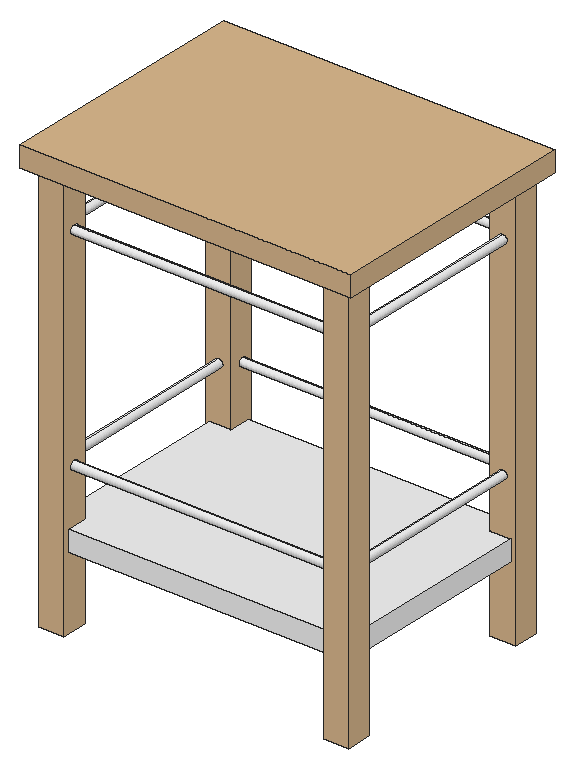
Revit family
Parameters (values of type "650 x 500mm")
  Type Comments = ""
  Model = ""
  Manufacturer URL = ""
  Manufacturer = "Revit"
  Description = "Stool"
  Cost = 0
  Assembly Code = ""
Reference planes
  plane 1 "Centro A/I": y = -163.95
  plane 2: z = 0
  plane 3 "Centro S/D": x = -295.132
  plane 4: x = -620.132
  plane 5: x = 29.868
  plane 6: y = 86.05
  plane 7: y = -413.95
  plane 8: z = 850
  plane 9: z = 810
Forms (mm)
  Extrusion 1, solid, material "Wood - Birch"
    sketch origin (0, 0, 0) x (1, 0, 0) y (0, 1, 0)
      loop
        line (-620.132, 86.05) -> (-620.132, -413.95) -> (29.868, -413.95) -> (29.868, 86.05) -> (-620.132, 86.05)
    from 810 to 850
  Extrusion 2, solid, material "Wood - Birch"
    sketch origin (0, 0, 0) x (1, 0, 0) y (0, 1, 0)
      loop
        line (-600.132, 66.05) -> (-600.132, 16.05) -> (-550.132, 16.05) -> (-550.132, 66.05) -> (-600.132, 66.05)
      loop
        line (-40.132, 66.05) -> (-40.132, 16.05) -> (9.868, 16.05) -> (9.868, 66.05) -> (-40.132, 66.05)
      loop
        line (-600.132, -343.95) -> (-600.132, -393.95) -> (-550.132, -393.95) -> (-550.132, -343.95) -> (-600.132, -343.95)
      loop
        line (-40.132, -343.95) -> (-40.132, -393.95) -> (9.868, -393.95) -> (9.868, -343.95) -> (-40.132, -343.95)
    from 0 to 810
  Extrusion 3, solid, material "Metal - Aluminium"
    sketch origin (0, 0, 0) x (1, 0, 0) y (0, 1, 0)
      loop
        line (-550.132, 16.05) -> (-590.132, 16.05) -> (-590.132, -343.95) -> (-550.132, -343.95) -> (-550.132, -383.95) -> (-40.132, -383.95) -> (-40.132, -343.95) -> (-0.132, -343.95) -> (-0.132, 16.05) -> (-40.132, 16.05) -> (-40.132, 56.05) -> (-550.132, 56.05) -> (-550.132, 16.05)
    from 145.247 to 185.247
  Extrusion 4, solid, material "Wood - Birch"
    sketch origin (0, 0, 0) x (1, 0, 0) y (0, 1, 0)
      loop
        line (-550.132, 41.05) -> (-550.132, 16.05) -> (-575.132, 16.05) -> (-575.132, -343.95) -> (-550.132, -343.95) -> (-550.132, -363.95) -> (-40.132, -363.95) -> (-40.132, -343.95) -> (-15.132, -343.95) -> (-15.132, 16.05) -> (-40.132, 16.05) -> (-40.132, 41.05) -> (-550.132, 41.05)
      loop
        line (-545.132, 11.05) -> (-545.132, -333.95) -> (-45.132, -333.95) -> (-45.132, 11.05) -> (-545.132, 11.05)
    from 774.651 to 810
  Extrusion 5, solid, material "Metal - Aluminium"
    sketch origin (-550.132, -393.95, 810) x (0, 0, -1) y (0, 1, 0)
      loop
        circle (102.206, 22.947) r 8
      loop
        circle (102.206, 437.053) r 8
      loop
        circle (517.206, 22.947) r 8
      loop
        circle (517.206, 437.053) r 8
    from 0 to 510
  Extrusion 6, solid, material "Metal - Aluminium"
    sketch origin (-40.132, 16.05, 810) x (0, 0, -1) y (1, 0, 0)
      loop
        circle (102.206, -534.554) r 8
      loop
        circle (517.206, -534.554) r 8
      loop
        circle (102.206, 24.554) r 8
      loop
        circle (517.206, 24.554) r 8
    from 0 to 360
Lines and regions (mm)
  symbolic lines
    curve 1: line (-620.132, 86.05, 0) -> (29.868, 86.05, 0)
    curve 2: line (-620.132, -413.95, 0) -> (-620.132, 86.05, 0)
    curve 3: line (29.868, -413.95, 0) -> (-620.132, -413.95, 0)
    curve 4: line (29.868, 86.05, 0) -> (29.868, -413.95, 0)
Dimensions and locks
  equal spacing: plane 7, plane 1 "Centro A/I", plane 6
  equal spacing: plane 4, plane 3 "Centro S/D", plane 5
  plane 8 to plane 2 = 850 mm
  plane 8 to plane 9 = 40 mm
  aligned and locked: plane 9 to Extrusion 1
  aligned and locked: Extrusion 2 to plane 9
  aligned and locked: Extrusion 4 to plane 9
  aligned and locked: Extrusion 5 to Extrusion 2
  aligned and locked: Extrusion 6 to Extrusion 2
  aligned and locked: curve 1 to Extrusion 1  (x2)
  aligned and locked: Extrusion 1 to curve 4
  aligned and locked: curve 4 to Extrusion 1
